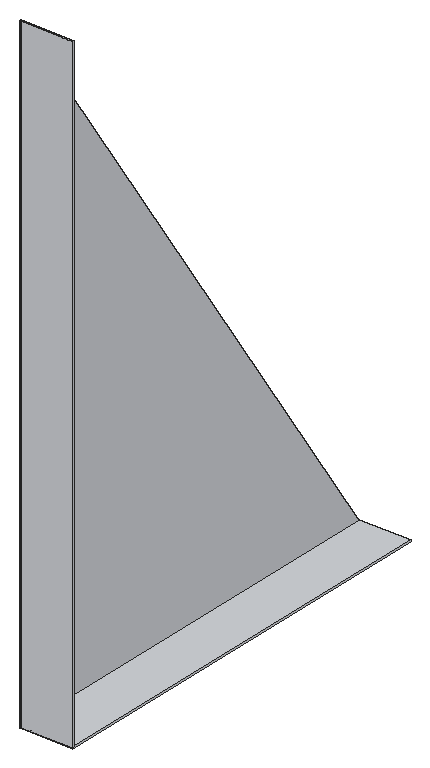
Revit family "bracket_triangle", category Generic Models, host Face, Revit 2024
Family settings
  Host = Face
  Can host rebar = No
  Round Connector Dimension = Use Diameter
  Part Type = Normal
  Cut with Voids When Loaded = No
  Maintain Annotation Orientation = No
  Shared = No
  Room Calculation Point = No
Parameters
  Width [instance] = 2' - 0"
  Thickness [instance] = 0' - 0 1/16"
  Heigth = 3' - 0"
  FlangeLenth [instance] = 0' - 3"
  Default Elevation = 4' - 0"
Reference planes (in)
  plane 1 "Center (Front/Back)": y = 0
  plane 2: z = 0
  plane 3 "Center (Left/Right)": x = 0
  plane 4: z = 36
  plane 5: y = 12
  plane 6: y = -12
  plane 7: x = 3
  plane 8: x = 3
  plane 9: x = -4.24863
  plane 10: x = 7.75
Forms (in)
  Extrusion 1, solid
    sketch origin (0, 0, 0) x (1, 0, 0) y (0, 1, 0)
      loop
        line (0.03125, 12) -> (0.03125, -12) -> (3, -12) -> (3, 12) -> (0.03125, 12)
    from 0 to 0.0625 <- "Thickness"
  Extrusion 2, solid
    sketch origin (-9.32947, -12, 48) x (-1, 0, 0) y (0, 0, 1)
      loop
        line (-12.32947, -12) -> (-12.32947, -48) -> (-9.32947, -48) -> (-9.32947, -12) -> (-12.32947, -12)
    from 0 to 0.0625 <- "Thickness"
Dimensions and locks (in)
  "Heigth": plane 4 to host face
  equal spacing: plane 5, plane 1 "Center (Front/Back)", plane 6
  "Width": plane 5 to plane 6
  "FlangeLenth": plane 3 "Center (Left/Right)" to plane 7
  "FlangeLenth": plane 3 "Center (Left/Right)" to plane 8
  aligned and locked: plane 2 to host face
  aligned and locked: level to host face
  aligned and locked: plane 3 "Center (Left/Right)" to nested 1
  aligned and locked: plane 1 "Center (Front/Back)" to nested 1
  aligned and locked: Extrusion 1 sketch curve to nested 1  (x2)
  aligned and locked: plane 6 to Extrusion 1 sketch curve
  aligned and locked: Extrusion 1 sketch curve to plane 7
  aligned and locked: Extrusion 2 sketch curve to plane 4
  aligned and locked: host face to Extrusion 2 sketch curve
  aligned and locked: plane 3 "Center (Left/Right)" to Extrusion 2 sketch curve
Automatic sketch dimensions
  host sketch curve to host sketch curve = 8' - 0"  (x2)
  plane 8 to Extrusion 2 sketch curve = 0' - 0"
Nested families (in)
  nested 1: "sm_triangle" at (0, 0, 0), length <- "Heigth", width <- "Width", thickness <- "Thickness", type "sm_triangle"
    with width 2' - 0", thickness 0' - 0 1/16", length 3' - 0"
Definition of nested family "sm_triangle"
  Parameters (values of type "sm_triangle")
    width [instance] = 1' - 0"
    thickness [instance] = 0' - 0 1/16"
    material = none
    length [instance] = 3' - 0"
    Default Elevation = 4' - 0"
  Reference planes (in)
    plane 1 "Center (Front/Back)": y = 0
    plane 2: z = 0
    plane 3 "Center (Left/Right)": x = 0
    plane 4: y = 6
    plane 5: z = 36
    plane 6: y = -6
    plane 7: x = -0.03125
    plane 8: x = 0.03125
  Forms (in)
    Extrusion 1, solid
      sketch origin (0, 0, 0) x (1, 0, 0) y (0, 1, 0)
        loop
          line (-48, 48) -> (-48, -48) -> (48, -48) -> (48, 48) -> (-48, 48)
      from 0 to -12
    Extrusion 2, solid
      sketch origin (-0.03125, 4.47618, 48) x (0, 1, 0) y (0, 0, 1)
        loop
          line (1.52382, -48) -> (-10.47618, -12) -> (-10.47618, -48) -> (1.52382, -48)
      from 0 to 0.0625 <- "thickness"
  Dimensions and locks (in)
    equal spacing: plane 4, plane 1 "Center (Front/Back)", plane 6  (x2)
    "length": plane 5 to Extrusion 1
    "thickness": plane 7 to plane 8
    equal spacing: plane 7, plane 3 "Center (Left/Right)", plane 8
    plane 6 to plane 4 = 1' - 0"
    "width": plane 4 to plane 6
    aligned and locked: plane 2 to Extrusion 1
    aligned and locked: level to Extrusion 1
    aligned and locked: Extrusion 2 sketch curve to plane 6
    aligned and locked: Extrusion 1 to Extrusion 2 sketch curve
    aligned and locked: plane 5 to Extrusion 2 sketch curve
  Automatic sketch dimensions
    Extrusion 1 sketch curve to Extrusion 1 sketch curve = 8' - 0"  (x2)
    Extrusion 2 sketch curve to plane 4 = 0' - 0"
